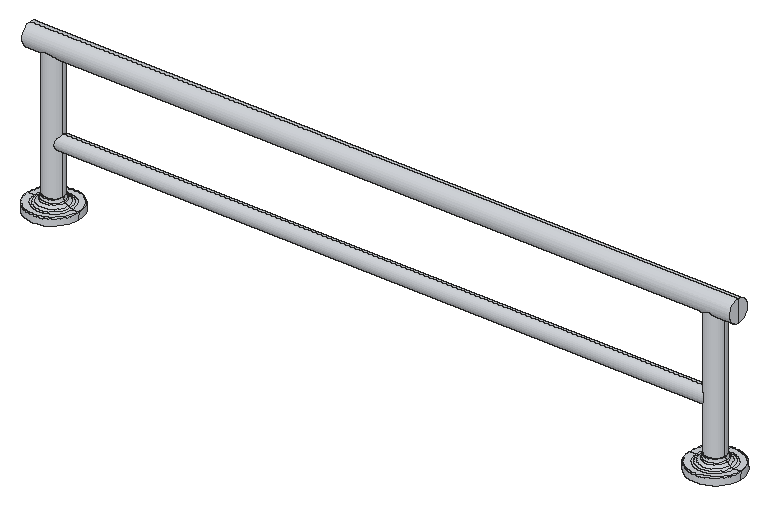
Revit family "Accessory-Towel_Bar-KOHLER-Purist-K-14375", category Specialty Equipment, host Face, Revit 2015
Parameters (values of type "CP-Polished Chrome")
  Width = 5 7/16"  # constant formula
  WaterSense Certified = 1 = 0  # no
  URL = "https://www.us.kohler.com/us/"
  Type = 1
  Product Page URL = "http://www.us.kohler.com/us/catalog/productDetails.jsp?productNumber=14375"
  Product Name = "Purist"  # constant formula
  Product Documentation Link = "https://www.us.kohler.com/webassets/kpna/catalog/pdf/en/K-14375_spec.pdf"
  Model = if(Type = 1, "K-14375-CP", if(Type = 2, "K-14375-SN", if(Type = 3, "K-14375-BGD", if(Type = 4, "K-14375-BN", if(Type = 5, "K-14375-BV", if(Type = 6, "K-14375-BL", "NA"))))))  # "K-14375-CP"
  Material = "Solid Brass Construction"  # constant formula
  MasterFormat 2004 = "10.28.13"  # constant formula
  MasterFormat 1995 = "10820"  # constant formula
  Manufacturer Address = "444 Highland Dr, Kohler, WI 53044"  # constant formula
  Manufacturer = "KOHLER Co."  # constant formula
  Length = 24"  # constant formula
  Height = 1 7/8"  # constant formula
  Finish = Kohler-Metal-CP-Polished_Chrome
  Environmental Product Declaration = ""
  Description = "24 Inch Double Towel Bar\r"  # constant formula
  Default Elevation = 42"
  Declare Label = ""
  Date Modified = "02/22/2019"  # constant formula
  Date Created = "02/22/2019"  # constant formula
  Copyright = "Copyright KOHLER Co."  # constant formula
  Contact Us = "https://www.us.kohler.com/us/static/contact.jsp"
  Assembly Code = "C1030200"
  ADA Compliant = 1 = 0  # no
Types (7): name | Type | Model | Finish
  (no name) | 1 | "K-14375-CP" | Kohler-Metal-CP-Polished_Chrome
  CP-Polished Chrome | 1 | "K-14375-CP" | Kohler-Metal-CP-Polished_Chrome
  SN-Vibrant Polished Nickel | 2 | "K-14375-SN" | Kohler-Metal-SN-Vibrant_Polished_Nickel
  BGD-Vibrant Moderne Brushed Gold | 3 | "K-14375-BGD" | Kohler-Metal-BGD-Vibrant_Moderne_Brushed_Gold
  BN-Vibrant Brushed Nickel | 4 | "K-14375-BN" | Kohler-Metal-BN-Vibrant_Brushed_Nickel
  BV-Vibrant Brushed Bronze | 5 | "K-14375-BV" | Kohler-Metal-BV-Brushed_Bronze
  BL-Matte Black | 6 | "K-14375-BL" | Kohler-Metal-BL-Matte_Black
Reference planes (in)
  plane 1 "Center (Front/Back)": y = 0
  plane 2: z = 0
  plane 3 "Center (Left/Right)": x = 0
  plane 4: z = 5.4375
  plane 5: x = -12.9375
  plane 6: x = 12
  plane 7: x = -12
  plane 8: x = -11.0625
  plane 9: x = 11.0625
  plane 10: x = 12.9375
  plane 11: x = 12
  plane 12: z = 5.83123
  plane 13: y = -0.9375
  plane 14: y = 0.9375
  plane 15: z = 2.32139
Dimensions and locks (in)
  "Height": plane 14 to plane 13
  "Length": plane 7 to plane 11
  "Width": plane 4 to plane 2
  plane 10 to plane 5 = 25 7/8"
  plane 10 to plane 7 = 24 15/16"
  aligned and locked: plane 2 to host face
  aligned and locked: level to host face
Automatic sketch dimensions
  host sketch curve to host sketch curve = 96"  (x2)
Nested families (in)
  nested 1: "K-14375" at (0, 0, 0), type "K-14375"
Definition of nested family "K-14375"
  Parameters (values of type "K-14375")
    Material = none
  Reference planes (in)
    plane 1 "Center (Front/Back)": y = 0
    plane 2: z = 0
    plane 3 "Center (Left/Right)": x = 0
    plane 4: z = 5.4375
    plane 5: x = -12
    plane 6: x = -12
    plane 7: x = -11.0625
    plane 8: x = -12.9375
    plane 9: x = 12
    plane 10: x = 12
    plane 11: x = 11.0625
    plane 12: x = 12.9375
    plane 13: z = 5.04377
    plane 14: z = 5.83123
    plane 15: y = 0.9375
    plane 16: y = -0.9375
  Forms (in)
    Revolve 1, solid, material <- "Material", detail levels medium+fine
      sketch origin (0, 0, 0) x (1, 0, 0) y (0, 0, 1)
        loop
          line (-12, 0) -> (-11.0625, 0) -> (-11.0625, 0.23536)
          arc (-11.0625, 0.23536) -> (-11.06852, 0.24989) -> (-11.08305, 0.25591) r 0.02055
          line (-11.08305, 0.25591) -> (-11.31221, 0.25591)
          arc (-11.31221, 0.25591) -> (-11.34982, 0.2589) -> (-11.38647, 0.26782) r 0.23744
          arc (-11.38647, 0.26782) -> (-11.43113, 0.28366) -> (-11.47503, 0.30151) r 1.04262
          arc (-11.47503, 0.30151) -> (-11.53418, 0.33761) -> (-11.58113, 0.38858) r 0.24987
          arc (-11.58113, 0.38858) -> (-11.5953, 0.41061) -> (-11.60795, 0.43356) r 0.38764
          arc (-11.60795, 0.43356) -> (-11.62603, 0.48128) -> (-11.63343, 0.53176) r 0.23635
          arc (-11.63343, 0.53176) -> (-11.63713, 0.54697) -> (-11.6465, 0.55951) r 0.03914
          line (-11.6465, 0.55951) -> (-11.6465, 5.4375) -> (-12, 5.4375) -> (-12, 0)
        axis (-12, 5.4375) -> (-12, 0)
      angle from 0 to 360
    Revolve 2, solid, material <- "Material", detail levels medium+fine
      sketch origin (0, 0, 0) x (1, 0, 0) y (0, 0, 1)
        loop
          line (12.84174, 5.4375) -> (12.84174, 5.8312) -> (-12.82755, 5.8312) -> (-12.82755, 5.4375) -> (12.84174, 5.4375)
        axis (12.84174, 5.4375) -> (-12.82755, 5.4375)
      angle from 0 to 360
    Revolve 3, solid, material <- "Material", detail levels medium+fine
      sketch origin (0, 0, 0) x (1, 0, 0) y (0, 0, 1)
        loop
          line (12, 2.59843) -> (-12, 2.59843) -> (-12, 2.32283) -> (12, 2.32283) -> (12, 2.59843)
        axis (12, 2.32283) -> (-12, 2.32283)
      angle from 0 to 360
    Revolve 4, solid, material <- "Material", detail levels medium+fine
      sketch origin (0, 0, 0) x (-1, 0, 0) y (0, 0, 1)
        loop
          line (-12, 0) -> (-11.0625, 0) -> (-11.0625, 0.23536)
          arc (-11.0625, 0.23536) -> (-11.06852, 0.24989) -> (-11.08305, 0.25591) r 0.02055
          line (-11.08305, 0.25591) -> (-11.31221, 0.25591)
          arc (-11.31221, 0.25591) -> (-11.34982, 0.2589) -> (-11.38647, 0.26782) r 0.23744
          arc (-11.38647, 0.26782) -> (-11.43113, 0.28366) -> (-11.47503, 0.30151) r 1.04262
          arc (-11.47503, 0.30151) -> (-11.53418, 0.33761) -> (-11.58113, 0.38858) r 0.24987
          arc (-11.58113, 0.38858) -> (-11.5953, 0.41061) -> (-11.60795, 0.43356) r 0.38764
          arc (-11.60795, 0.43356) -> (-11.62603, 0.48128) -> (-11.63343, 0.53176) r 0.23635
          arc (-11.63343, 0.53176) -> (-11.63713, 0.54697) -> (-11.6465, 0.55951) r 0.03914
          line (-11.6465, 0.55951) -> (-11.6465, 5.4375) -> (-12, 5.4375) -> (-12, 0)
        axis (-12, 5.4375) -> (-12, 0)
      angle from 0 to 360
    Revolve 5, solid, material <- "Material", detail levels coarse
      sketch origin (-12, 0, 0) x (0, 1, 0) y (0, 0, 1)
        loop
          line (0, 0) -> (0, 5.4375) -> (-0.41615, 5.4375) -> (-0.41615, 0.54293) -> (-0.9375, 0.35317) -> (-0.9375, 0) -> (0, 0)
        axis (0, 0) -> (0, 5.4375)
      angle from 0 to 360
    Revolve 6, solid, material <- "Material", detail levels coarse
      sketch origin (12, 0, 0) x (0, 1, 0) y (0, 0, -1)
        loop
          line (0, 0) -> (-0.9375, 0) -> (-0.9375, -0.35317) -> (-0.41615, -0.54293) -> (-0.41615, -5.4375) -> (0, -5.4375) -> (0, 0)
        axis (0, 0) -> (0, -5.4375)
      angle from 0 to 360
    Revolve 7, solid, material <- "Material", detail levels coarse
      sketch origin (0, 0, 0) x (1, 0, 0) y (0, 0, 1)
        loop
          line (-12, 2.32139) -> (12, 2.32139) -> (12, 2.62968) -> (-12, 2.62968) -> (-12, 2.32139)
        axis (-12, 2.32139) -> (12, 2.32139)
      angle from 0 to 360
    Revolve 8, solid, material <- "Material", detail levels coarse
      sketch origin (0, 0, 0) x (1, 0, 0) y (0, 0, 1)
        loop
          line (-12.82986, 5.4375) -> (12.84089, 5.4375) -> (12.84089, 5.89373) -> (-12.82986, 5.89373) -> (-12.82986, 5.4375)
        axis (-12.82986, 5.4375) -> (12.84089, 5.4375)
      angle from 0 to 360
  Cuts and joins
    joined: Revolve 5, Revolve 6, Revolve 7, Revolve 8
    joined: Revolve 1, Revolve 2, Revolve 3, Revolve 4
  Lines and regions (in)
    Masking region 1
      outline origin (0, 0, 0) x (1, 0, 0) y (0, 0, 1)
        loop
          line (12, 0) -> (12.9375, 0) -> (12.9375, 0.23536)
          arc (12.9375, 0.23536) -> (12.93148, 0.24989) -> (12.91695, 0.25591) r 0.02055
          line (12.91695, 0.25591) -> (12.68779, 0.25591)
          arc (12.68779, 0.25591) -> (12.65018, 0.2589) -> (12.61353, 0.26782) r 0.23744
          arc (12.61353, 0.26782) -> (12.56887, 0.28366) -> (12.52497, 0.30151) r 1.04262
          arc (12.52497, 0.30151) -> (12.46582, 0.33761) -> (12.41887, 0.38858) r 0.24987
          arc (12.41887, 0.38858) -> (12.4047, 0.41061) -> (12.39205, 0.43356) r 0.38764
          arc (12.39205, 0.43356) -> (12.37397, 0.48128) -> (12.36657, 0.53176) r 0.23635
          arc (12.36657, 0.53176) -> (12.36287, 0.54697) -> (12.3535, 0.55951) r 0.03914
          line (12.3535, 0.55951) -> (12.3535, 5.04377) -> (12.84174, 5.04377) -> (12.84174, 5.8312) -> (-12.82755, 5.8312) -> (-12.82755, 5.04377) -> (-12.3535, 5.04377) -> (-12.3535, 0.55951)
          arc (-12.3535, 0.55951) -> (-12.36287, 0.54697) -> (-12.36657, 0.53176) r 0.03914
          arc (-12.36657, 0.53176) -> (-12.37397, 0.48128) -> (-12.39205, 0.43356) r 0.23635
          arc (-12.39205, 0.43356) -> (-12.4047, 0.41061) -> (-12.41887, 0.38858) r 0.38764
          arc (-12.41887, 0.38858) -> (-12.46582, 0.33761) -> (-12.52497, 0.30151) r 0.24987
          arc (-12.52497, 0.30151) -> (-12.56887, 0.28366) -> (-12.61353, 0.26782) r 1.04262
          arc (-12.61353, 0.26782) -> (-12.65018, 0.2589) -> (-12.68779, 0.25591) r 0.23744
          line (-12.68779, 0.25591) -> (-12.91695, 0.25591)
          arc (-12.91695, 0.25591) -> (-12.93148, 0.24989) -> (-12.9375, 0.23536) r 0.02055
          line (-12.9375, 0.23536) -> (-12.9375, 0) -> (-12, 0) -> (-11.0625, 0) -> (-11.0625, 0.23536)
          arc (-11.0625, 0.23536) -> (-11.06852, 0.24989) -> (-11.08305, 0.25591) r 0.02055
          line (-11.08305, 0.25591) -> (-11.31221, 0.25591)
          arc (-11.31221, 0.25591) -> (-11.34982, 0.2589) -> (-11.38647, 0.26782) r 0.23744
          arc (-11.38647, 0.26782) -> (-11.43113, 0.28366) -> (-11.47503, 0.30151) r 1.04262
          arc (-11.47503, 0.30151) -> (-11.53418, 0.33761) -> (-11.58113, 0.38858) r 0.24987
          arc (-11.58113, 0.38858) -> (-11.5953, 0.41061) -> (-11.60795, 0.43356) r 0.38764
          arc (-11.60795, 0.43356) -> (-11.62603, 0.48128) -> (-11.63343, 0.53176) r 0.23635
          arc (-11.63343, 0.53176) -> (-11.63713, 0.54697) -> (-11.6465, 0.55951) r 0.03914
          line (-11.6465, 0.55951) -> (-11.6465, 2.04724) -> (11.6465, 2.04724) -> (11.6465, 0.55951)
          arc (11.6465, 0.55951) -> (11.63713, 0.54697) -> (11.63343, 0.53176) r 0.03914
          arc (11.63343, 0.53176) -> (11.62603, 0.48128) -> (11.60795, 0.43356) r 0.23635
          arc (11.60795, 0.43356) -> (11.5953, 0.41061) -> (11.58113, 0.38858) r 0.38764
          arc (11.58113, 0.38858) -> (11.53418, 0.33761) -> (11.47503, 0.30151) r 0.24987
          arc (11.47503, 0.30151) -> (11.43113, 0.28366) -> (11.38647, 0.26782) r 1.04262
          arc (11.38647, 0.26782) -> (11.34982, 0.2589) -> (11.31221, 0.25591) r 0.23744
          line (11.31221, 0.25591) -> (11.08305, 0.25591)
          arc (11.08305, 0.25591) -> (11.06852, 0.24989) -> (11.0625, 0.23536) r 0.02055
          line (11.0625, 0.23536) -> (11.0625, 0) -> (12, 0)
        loop
          line (-11.6465, 5.0438) -> (-11.6465, 2.59843) -> (11.64647, 2.59843) -> (11.64647, 5.0438) -> (-11.6465, 5.0438)
    Masking region 2
      outline origin (0, 0, 0) x (0, 1, 0) y (0, 0, 1)
        loop
          line (0, 0) -> (0.9375, 0) -> (0.9375, 0.23536)
          arc (0.9375, 0.23536) -> (0.93148, 0.24989) -> (0.91695, 0.25591) r 0.02055
          line (0.91695, 0.25591) -> (0.68779, 0.25591)
          arc (0.68779, 0.25591) -> (0.65018, 0.2589) -> (0.61353, 0.26782) r 0.23744
          arc (0.61353, 0.26782) -> (0.56887, 0.28366) -> (0.52497, 0.30151) r 1.04262
          arc (0.52497, 0.30151) -> (0.46582, 0.33761) -> (0.41887, 0.38858) r 0.24987
          arc (0.41887, 0.38858) -> (0.4047, 0.41061) -> (0.39205, 0.43356) r 0.38764
          arc (0.39205, 0.43356) -> (0.37397, 0.48128) -> (0.36657, 0.53176) r 0.23635
          arc (0.36657, 0.53176) -> (0.36287, 0.54697) -> (0.3535, 0.55951) r 0.03914
          line (0.3535, 0.55951) -> (0.3535, 5.26419)
          arc (0.3535, 5.26419) -> (0, 5.8312) -> (-0.3535, 5.26419) r 0.3937
          line (-0.3535, 5.26419) -> (-0.3535, 0.55951)
          arc (-0.3535, 0.55951) -> (-0.36287, 0.54697) -> (-0.36657, 0.53176) r 0.03914
          arc (-0.36657, 0.53176) -> (-0.37397, 0.48128) -> (-0.39205, 0.43356) r 0.23635
          arc (-0.39205, 0.43356) -> (-0.4047, 0.41061) -> (-0.41887, 0.38858) r 0.38764
          arc (-0.41887, 0.38858) -> (-0.46582, 0.33761) -> (-0.52497, 0.30151) r 0.24987
          arc (-0.52497, 0.30151) -> (-0.56887, 0.28366) -> (-0.61353, 0.26782) r 1.04262
          arc (-0.61353, 0.26782) -> (-0.65018, 0.2589) -> (-0.68779, 0.25591) r 0.23744
          line (-0.68779, 0.25591) -> (-0.91695, 0.25591)
          arc (-0.91695, 0.25591) -> (-0.93148, 0.24989) -> (-0.9375, 0.23536) r 0.02055
          line (-0.9375, 0.23536) -> (-0.9375, 0) -> (0, 0)
    Masking region 3
      outline origin (0, 0, 0) x (1, 0, 0) y (0, 1, 0)
        loop
          arc (11.149, -0.39332) -> (12.9375, 0.00002) -> (11.14898, 0.39328) r 0.9375
          line (11.14898, 0.39328) -> (-11.14898, 0.39328)
          arc (-11.14898, 0.39328) -> (-12.9375, 0.00002) -> (-11.149, -0.39332) r 0.9375
          line (-11.149, -0.39332) -> (11.149, -0.39332)
    symbolic lines, detail levels medium+fine
      curve 1: line (-12.3535, 0, 0.55951) -> (-11.6465, 0, 0.55951)
      curve 2: line (-11.31221, 0, 0.25591) -> (-12.68779, 0, 0.25591)
      curve 3: line (12.68779, 0, 0.25591) -> (11.31221, 0, 0.25591)
      curve 4: line (12.3535, 0, 0.55951) -> (11.6465, 0, 0.55951)
      curve 5: line (-12.3535, 0, 5.04377) -> (-12.29884, 0, 5.161)
      curve 6: line (-11.6465, 0, 5.04377) -> (-11.70116, 0, 5.161)
      curve 7: arc (-12.29884, 0, 5.161) -> (-12.17712, 0, 5.29907) -> (-12, 0, 5.3492) r 0.32599
      curve 8: arc (-12, 0, 5.3492) -> (-11.82395, 0, 5.29739) -> (-11.70116, 0, 5.161) r 0.33695
      curve 9: line (12.3535, 0, 5.04377) -> (12.29884, 0, 5.161)
      curve 10: line (11.6465, 0, 5.04377) -> (11.70116, 0, 5.161)
      curve 11: arc (12.29884, 0, 5.161) -> (12.17712, 0, 5.29907) -> (12, 0, 5.3492) r 0.32599
      curve 12: arc (12, 0, 5.3492) -> (11.82395, 0, 5.29739) -> (11.70116, 0, 5.161) r 0.33695
      curve 13: line (-11.6465, 0, 2.59843) -> (-11.75359, 0, 2.54849)
      curve 14: line (-11.6465, 0, 2.04435) -> (-11.75359, 0, 2.09429)
      curve 15: arc (-11.75359, 0, 2.09429) -> (-11.86801, 0, 2.18651) -> (-11.92636, 0, 2.32139) r 0.30655
      curve 16: arc (-11.75359, 0, 2.54849) -> (-11.86801, 0, 2.45627) -> (-11.92636, 0, 2.32139) r 0.30655
      curve 17: line (11.6465, 0, 2.59843) -> (11.75359, 0, 2.54849)
      curve 18: line (11.6465, 0, 2.04435) -> (11.75359, 0, 2.09429)
      curve 19: arc (11.75359, 0, 2.09429) -> (11.86801, 0, 2.18651) -> (11.92636, 0, 2.32139) r 0.30655
      curve 20: arc (11.75359, 0, 2.54849) -> (11.86801, 0, 2.45627) -> (11.92636, 0, 2.32139) r 0.30655
      curve 21: arc (0, -0.3535, 5.26419) -> (0, 0, 5.0438) -> (0, 0.3535, 5.26419) r 0.3937
      curve 22: line (0, -0.3535, 0.55951) -> (0, 0.3535, 0.55951)
      curve 23: line (0, -0.68779, 0.25591) -> (0, 0.68779, 0.25591)
      curve 24: line (12.84174, 0.39328, 0) -> (12.84174, -0.39332, 0)
      curve 25: line (-12.82755, 0.39328, 0) -> (-12.82755, -0.39332, 0)
      curve 26: line (-11.14898, 0.39328, 0) -> (-12.82755, 0.39328, 0)
      curve 27: line (-11.149, -0.39332, 0) -> (-12.82755, -0.39332, 0)
      curve 28: line (11.149, -0.39332, 0) -> (12.84174, -0.39332, 0)
      curve 29: line (11.14898, 0.39328, 0) -> (12.84174, 0.39328, 0)
  Dimensions and locks (in)
    plane 4 to plane 2 = 5 7/16"
    plane 12 to plane 11 = 1 7/8"
    plane 8 to plane 7 = 1 7/8"
    plane 5 to plane 12 = 24 15/16"
    plane 5 to plane 9 = 24"
    aligned and locked: plane 2 to level
